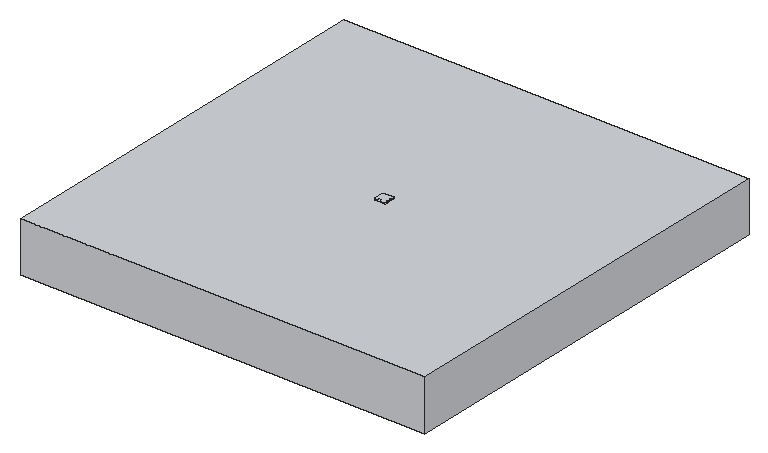
Revit family "Gira_018700", category Allgemeines Modell, Revit 2017
Family settings
  Basisbauteil = Fläche
  Kann Basisbauteil für Bewehrung sein = Nein
  Bemaßung runder Anschluss = Durchmesser verwenden
  Teiletyp = Normal
  Beim Laden mit Abzugskörper schneiden = Nein
  Gemeinsam genutzt = Nein
  Raumberechnungspunkt = Nein
Parameters
  With mounting plate = no
  With memory function = no
  With lighting = no
  With label area = no
  With glass breaking detector connection = no
  With dust cover = no
  With brightness sensor connection = no
  With N-busbar = no
  With LED indication = no
  With Astro program = no
  Wiring system = "Intermediate switch"
  Washing machine switch = no
  Default Elevation = 1219.2 mm
  URL = "https://www.gira.de/"
  Typname = "UAE/IAE conn.box 2 x 8-p ST Insert"
  Type of load = "Universal"
  Type of lighting = "Not included"
  Type of fastening = "Screwing"
  Transparent = no
  Through loss at 860 MHz [B] = 0.1
  Through loss at 2150 MHz [B] = 0.1
  Temperature [Kelvin] = "[5:45]"
  Switch-off protection = no
  Surface protection = "Other"
  Surface finishing = "Not applicable"
  Suitable for wire wound low voltage transformer = yes
  Suitable for wind sensor = no
  Suitable for staircase time switch = no
  Suitable for rain sensor = no
  Suitable for fluorescent tube/energy-saving lamp = yes
  Suitable for electronic low voltage transformer = yes
  Suitable for degree of protection (IP) = "IP20"
  Suitable for 230 V incandescent lamp/halogen lamp = yes
  Substation input = yes
  Shielded housing = no
  Shielded buses = yes
  Serial dimmer = no
  Separate strain relief = no
  Rated current = 10 A
  Random generator = no
  Push button switch = no
  Productwebsite = "http://katalog.gira.de/en/datenblatt.html?artikelnr=018700"
  Output voltage [Volt] = 5
  Other bus systems = "None"
  Operating voltage [Volt] = "[110:240]"
  Only suitable as substation = no
  Number of rockers = 1
  Number of outputs = 2
  Number of modules (module system) = 1
  Number of buttons = 2
  Nominal voltage [Volt] 3 = "[230:230]"
  Nominal voltage [Volt] 2 = "[230:230]"
  Nominal voltage [Volt] = 250
  Mounting method shielding connection = "None"
  Mounting method = "Flush mounted (plaster)"
  Model = "1-pole switch"
  Min. depth of built-in installation box [m] = 0.024
  Method of operation = "Rocker"
  Mechanical controllable = yes
  Mechanical coding = no
  Max. switching power [Voltampere] = 1000
  Max. output current = 1.4 A
  Material quality = "Other"
  Material = "Other"
  Light value memory = no
  Label space/information surface 7 = "No"
  Label space/information surface 6 = "No"
  Label space/information surface 5 = "No"
  Label space/information surface 4 = "No"
  Label space/information surface = no
  Integrated timer = no
  Input for substation = no
  Imprint = "None"
  Illumination = "Yes"
  Hersteller = "Gira"
  Halogen free = no
  HAN = "018700"
  GTIN = "4010337187004"
  Function lighting = "Illuminated (on)"
  Frequency [Hz] = "[50:60]"
  Forced switch off = no
  Feedback-signal contact = no
  Electronic controllable = no
  Electrical and mechanical locking = yes
  Dimming phase cut-on = yes
  Dimming phase cut-off = yes
  Degree of protection (IP) = "IP20"
  Data sheet = "https://katalog.gira.de/en/download.html?artikelnr=018700"
  Contacts = "1 change-over contact"
  Connection type = "Screw"
  Colour coding = no
  Colour = "Other"
  Category = "3"
  Bus system radio frequent = no
  Bus system Powernet = no
  Bus system LON = no
  Bus system KNX radio = no
  Bus system KNX = yes
  Bus connection included = yes
  Beschreibung = "UAE IAE conn.box 2x8-p ST Ins.,Insert for UAE IAE (ISDN) connection box Cat. 3, 2-gang, 2 x 8-pole,Screw terminals,,Features:,- UAE IAE (ISDN-capable) RJ11 12 and RJ45 8-pole for 6-pole and 8-pole plugs.,- Eight contacts and one supporting contact for two terminals."
  BIM = "https://media.stage.bim.site/public/gira/290f3eb/Einsatz_1fach.rfa"
  Assembly arrangement = "Basic element"
  Applicable with transmission button = no
  Applicable with time switch/timer = no
  Applicable with presence indicator = yes
  Applicable with movement sensor = yes
  Applicable with infrared button = no
  Applicable with button = yes
  App control via Bluetooth = no
Reference planes
  plane 1 "Center (Front/Back)": y = 0
  plane 2: z = 0
  plane 3 "Center (Left/Right)": x = 0
Forms (mm)
  Extrusion 1, solid
    sketch origin (0, 0, 0) x (1, 0, 0) y (0, 1, 0)
      loop
        line (-1219.2, 1219.2) -> (-1219.2, -1219.2) -> (1219.2, -1219.2) -> (1219.2, 1219.2) -> (-1219.2, 1219.2)
    from 0 to -304.8
  Extrusion 2, solid, detail levels fine
    sketch origin (0, 0, 0) x (1, 0, 0) y (0, 1, 0)
      loop
        line (27.475, 35.475) -> (-27.475, 35.475)
        arc (-27.475, 35.475) -> (-33.132, 33.132) -> (-35.475, 27.475) r 8
        line (-35.475, 27.475) -> (-35.475, -27.475)
        arc (-35.475, -27.475) -> (-33.132, -33.132) -> (-27.475, -35.475) r 8
        line (-27.475, -35.475) -> (27.475, -35.475)
        arc (27.475, -35.475) -> (33.132, -33.132) -> (35.475, -27.475) r 8
        line (35.475, -27.475) -> (35.475, 27.475)
        arc (35.475, 27.475) -> (33.132, 33.132) -> (27.475, 35.475) r 8
    from 0 to 1.8
  Extrusion 3, solid, detail levels fine
    sketch origin (0, 0, 0) x (1, 0, 0) y (0, 1, 0)
      loop
        line (9.678, 25.4) -> (-9.678, 25.4)
        arc (-9.678, 25.4) -> (-12.885, 24.922) -> (-15.814, 23.53) r 11
        arc (-15.814, 23.53) -> (-17.795, 22.07) -> (-19.641, 20.444) r 28.35
        arc (-19.641, 20.444) -> (-21.339, 18.665) -> (-22.876, 16.745) r 28.35
        arc (-22.876, 16.745) -> (-24.456, 13.666) -> (-25, 10.248) r 11
        line (-25, 10.248) -> (-25, -10.248)
        arc (-25, -10.248) -> (-24.456, -13.666) -> (-22.876, -16.745) r 11
        arc (-22.876, -16.745) -> (-20.409, -19.677) -> (-17.569, -22.25) r 28.35
        line (-17.569, -22.25) -> (17.569, -22.25)
        arc (17.569, -22.25) -> (20.409, -19.677) -> (22.876, -16.745) r 28.35
        arc (22.876, -16.745) -> (24.456, -13.666) -> (25, -10.248) r 11
        line (25, -10.248) -> (25, 10.248)
        arc (25, 10.248) -> (24.456, 13.666) -> (22.876, 16.745) r 11
        arc (22.876, 16.745) -> (21.593, 18.37) -> (20.195, 19.897) r 28.35
        arc (20.195, 19.897) -> (18.096, 21.823) -> (15.814, 23.53) r 28.35
        arc (15.814, 23.53) -> (12.885, 24.922) -> (9.678, 25.4) r 11
    from 0 to -22
  Extrusion 4, solid, detail levels medium
    sketch origin (0, 0, 0) x (1, 0, 0) y (0, 1, 0)
      loop
        line (-25, 25.4) -> (-25, -22.25) -> (25, -22.25) -> (25, 25.4) -> (-25, 25.4)
    from 0 to -22
  Extrusion 5, solid, detail levels coarse
    sketch origin (0, 0, 0) x (1, 0, 0) y (0, 1, 0)
      loop
        line (35.475, 35.475) -> (-35.475, 35.475) -> (-35.475, -35.475) -> (35.475, -35.475) -> (35.475, 35.475)
    from -22 to 1.8
  Extrusion 6, solid, detail levels medium
    sketch origin (0, 0, 0) x (1, 0, 0) y (0, 1, 0)
      loop
        line (35.475, 35.475) -> (-35.475, 35.475) -> (-35.475, -35.475) -> (35.475, -35.475) -> (35.475, 35.475)
    from 0 to 1.8
Dimensions and locks
  aligned and locked: plane 2 to Extrusion 1
  aligned and locked: level to Extrusion 1
Connectors
  electrical at (0, 0, -22)
    settings: on Extrusion 5, index 1, voltage 220 V, apparent load 0 VA, apparent load phase1 0 VA, apparent load phase2 0 VA, apparent load phase3 0 VA, power factor 1, load classification "Other", number of poles 1, system type 30, power factor state 1, is connector primary yes, connector utility no, sub classification motor no, connector description ""
